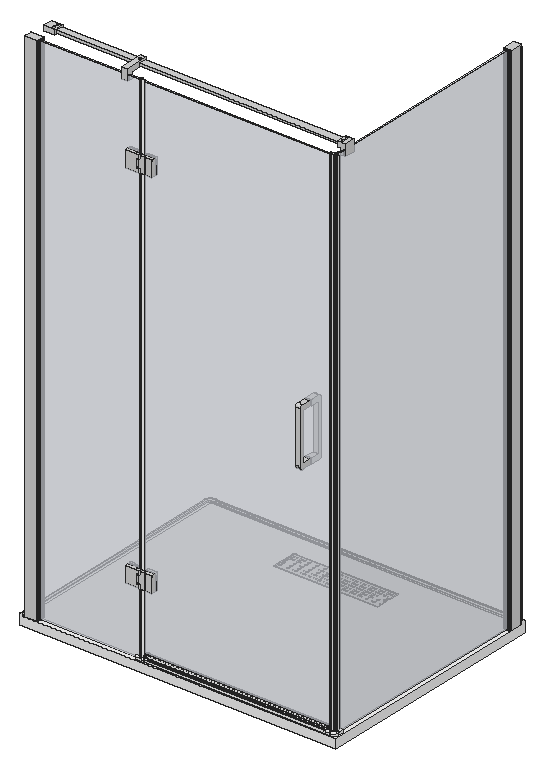
Revit family "Reece_Shower_Posh_Domaine MK2_Shower System", category Plumbing Fixtures, Revit 2018 (continued)
Definition of nested family "Reece_Shower_Posh_Domaine MK2_Shower Door & Screen_Nested"
  Automatic sketch dimensions
    Extrusion 3 sketch curve to Extrusion 3 sketch curve = 0.001 mm
    Extrusion 3 sketch curve to Extrusion 3 sketch curve = 0.574 mm
    Extrusion 3 sketch curve to Extrusion 3 sketch curve = 2.01 mm  (x2)
    Extrusion 3 sketch curve to Extrusion 3 sketch curve = 0.707 mm
    Extrusion 3 sketch curve to Extrusion 3 sketch curve = 5.174 mm
    Extrusion 3 sketch curve to Extrusion 3 sketch curve = 1.353 mm
    Extrusion 3 sketch curve to Extrusion 3 sketch curve = 2.793 mm
    plane 6 to Extrusion 3 sketch curve = 12.403 mm
    Extrusion 3 sketch curve to Extrusion 3 sketch curve = 6.601 mm
    Extrusion 3 sketch curve to Extrusion 3 sketch curve = 1.918 mm
    Extrusion 3 sketch curve to Extrusion 3 sketch curve = 0.5 mm  (x2)
    Extrusion 3 sketch curve to Extrusion 3 sketch curve = 0.052 mm  (x2)
    plane 6 to Extrusion 3 sketch curve = 15.172 mm
    Extrusion 3 sketch curve to Extrusion 3 sketch curve = 5.881 mm
    Extrusion 3 sketch curve to Extrusion 3 sketch curve = 0 mm
    Extrusion 3 sketch curve to Extrusion 3 sketch curve = 0.177 mm  (x5)
    plane 6 to Extrusion 3 sketch curve = 15.526 mm
    plane 6 to Extrusion 3 sketch curve = 18.474 mm
    plane 6 to Extrusion 3 sketch curve = 14.503 mm
    Extrusion 3 sketch curve to Extrusion 3 sketch curve = 0.669 mm  (x2)
    plane 6 to Extrusion 3 sketch curve = 14.57 mm
    Extrusion 3 sketch curve to Extrusion 3 sketch curve = 0.64 mm  (x2)
    plane 6 to Extrusion 3 sketch curve = 14.701 mm
    Extrusion 3 sketch curve to Extrusion 3 sketch curve = 1.243 mm  (x2)
    Extrusion 3 sketch curve to Extrusion 3 sketch curve = 0.06 mm  (x4)
    plane 6 to Extrusion 3 sketch curve = 13.556 mm
    plane 6 to Extrusion 3 sketch curve = 20.444 mm
    Extrusion 3 sketch curve to Extrusion 3 sketch curve = 0.293 mm
    Extrusion 3 sketch curve to Extrusion 3 sketch curve = 1.417 mm
    Extrusion 3 sketch curve to Extrusion 3 sketch curve = 0.58 mm
    Extrusion 3 sketch curve to Extrusion 3 sketch curve = 1.145 mm
    Extrusion 3 sketch curve to Extrusion 3 sketch curve = 0.131 mm
    Extrusion 3 sketch curve to Extrusion 3 sketch curve = 0.067 mm
    Extrusion 3 sketch curve to Extrusion 3 sketch curve = 5.361 mm
    Extrusion 3 sketch curve to Extrusion 3 sketch curve = 0.004 mm
    Extrusion 3 sketch curve to Extrusion 3 sketch curve = 1.36 mm
    Extrusion 3 sketch curve to Extrusion 3 sketch curve = 1.914 mm
    Extrusion 3 sketch curve to Extrusion 3 sketch curve = 0.05 mm
    plane 6 to Extrusion 4 sketch curve = 12.692 mm
    Extrusion 4 sketch curve to Extrusion 4 sketch curve = 0.497 mm  (x5)
    Extrusion 4 sketch curve to Extrusion 4 sketch curve = 0.613 mm
    Extrusion 4 sketch curve to Extrusion 4 sketch curve = 0.325 mm
    Extrusion 4 sketch curve to Extrusion 4 sketch curve = 0.221 mm
    Extrusion 4 sketch curve to Extrusion 4 sketch curve = 0.067 mm  (x2)
    Extrusion 4 sketch curve to Extrusion 4 sketch curve = 0.498 mm  (x3)
    Extrusion 4 sketch curve to Extrusion 4 sketch curve = 0.566 mm  (x3)
    Extrusion 4 sketch curve to Extrusion 4 sketch curve = 0.177 mm  (x6)
    Extrusion 4 sketch curve to Extrusion 4 sketch curve = 3.818 mm
    Extrusion 4 sketch curve to Extrusion 4 sketch curve = 0.466 mm
    Extrusion 4 sketch curve to Extrusion 4 sketch curve = 0.675 mm
    Extrusion 4 sketch curve to Extrusion 4 sketch curve = 0.614 mm
    Extrusion 4 sketch curve to Extrusion 4 sketch curve = 1.111 mm
    level to Extrusion 4 sketch curve = 15 mm
    Extrusion 4 sketch curve to Extrusion 4 sketch curve = 0.5 mm  (x5)
    Extrusion 4 sketch curve to Extrusion 4 sketch curve = 4.679 mm
    Extrusion 4 sketch curve to Extrusion 4 sketch curve = 0 mm  (x5)
    Extrusion 4 sketch curve to Extrusion 4 sketch curve = 0.64 mm  (x2)
    Extrusion 4 sketch curve to Extrusion 4 sketch curve = 1.989 mm  (x2)
    Extrusion 4 sketch curve to Extrusion 4 sketch curve = 0.05 mm  (x2)
    Extrusion 4 sketch curve to Extrusion 4 sketch curve = 0.003 mm
    Extrusion 4 sketch curve to Extrusion 4 sketch curve = 0.027 mm
    Extrusion 5 sketch curve to plane 6 = 20 mm
    Extrusion 5 sketch curve to Extrusion 5 sketch curve = 0 mm  (x6)
    Extrusion 5 sketch curve to Extrusion 5 sketch curve = 0.023 mm
    plane 6 to Extrusion 5 sketch curve = 14 mm  (x2)
    Extrusion 5 sketch curve to plane 10 = 838 mm
    Extrusion 5 sketch curve to Extrusion 5 sketch curve = 10 mm  (x3)
    Extrusion 5 sketch curve to Extrusion 5 sketch curve = 20 mm  (x2)
    Extrusion 5 sketch curve to Extrusion 5 sketch curve = 180 mm
    Extrusion 6 sketch curve to plane 6 = 54 mm
    Extrusion 6 sketch curve to Extrusion 6 sketch curve = 0 mm  (x6)
    Extrusion 6 sketch curve to Extrusion 6 sketch curve = 0.023 mm
    Extrusion 6 sketch curve to plane 6 = 20 mm  (x2)
    plane 10 to Extrusion 6 sketch curve = 838 mm
    Extrusion 6 sketch curve to Extrusion 6 sketch curve = 10 mm  (x3)
    Extrusion 6 sketch curve to Extrusion 6 sketch curve = 20 mm  (x2)
    Extrusion 6 sketch curve to Extrusion 6 sketch curve = 180 mm
    Extrusion 7 sketch curve to level = 0 mm
    plane 6 to Extrusion 7 sketch curve = 5.139 mm
    Extrusion 7 sketch curve to Extrusion 7 sketch curve = 0.496 mm
    Extrusion 7 sketch curve to Extrusion 7 sketch curve = 3.5 mm
    Extrusion 7 sketch curve to Extrusion 7 sketch curve = 0.004 mm  (x2)
    Extrusion 7 sketch curve to Extrusion 7 sketch curve = 9.891 mm
    Extrusion 7 sketch curve to Extrusion 7 sketch curve = 0.104 mm
    Extrusion 7 sketch curve to Extrusion 7 sketch curve = 0.1 mm
    level to Extrusion 7 sketch curve = 0.5 mm
    Extrusion 7 sketch curve to Extrusion 7 sketch curve = 0.5 mm  (x3)
    Extrusion 7 sketch curve to Extrusion 7 sketch curve = 4 mm
    Extrusion 7 sketch curve to Extrusion 7 sketch curve = 7.5 mm
    Extrusion 7 sketch curve to Extrusion 7 sketch curve = 0.001 mm  (x2)
    Extrusion 7 sketch curve to Extrusion 7 sketch curve = 6.511 mm
    Extrusion 7 sketch curve to Extrusion 7 sketch curve = 0.489 mm
    Extrusion 7 sketch curve to Extrusion 7 sketch curve = 0.49 mm
    Extrusion 7 sketch curve to Extrusion 7 sketch curve = 0 mm  (x2)
    level to Extrusion 8 sketch curve = 0.5 mm
    plane 6 to Extrusion 8 sketch curve = 5.635 mm
    Extrusion 8 sketch curve to Extrusion 8 sketch curve = 3.5 mm
    Extrusion 8 sketch curve to Extrusion 8 sketch curve = 9.896 mm
    Extrusion 8 sketch curve to Extrusion 8 sketch curve = 0.208 mm
    Extrusion 8 sketch curve to Extrusion 8 sketch curve = 0.609 mm
    Extrusion 8 sketch curve to Extrusion 8 sketch curve = 4 mm
    Extrusion 8 sketch curve to Extrusion 8 sketch curve = 7.501 mm
    Extrusion 8 sketch curve to Extrusion 8 sketch curve = 7.012 mm
    Extrusion 8 sketch curve to Extrusion 8 sketch curve = 0.978 mm
    Extrusion 8 sketch curve to Extrusion 8 sketch curve = 0 mm
    plane 6 to Extrusion 9 sketch curve = 12.403 mm
    Extrusion 9 sketch curve to Extrusion 9 sketch curve = 0.946 mm  (x2)
    Extrusion 9 sketch curve to Extrusion 9 sketch curve = 7.302 mm
    level to Extrusion 9 sketch curve = 16 mm
    Extrusion 9 sketch curve to Extrusion 9 sketch curve = 9 mm
    plane 5 to Sweep 10 sketch curve = 6 mm
    Sweep 10 sketch curve to Sweep 10 sketch curve = 17.5 mm
    plane 6 to Sweep 10 sketch curve = 22.635 mm
    Sweep 10 sketch curve to Sweep 10 sketch curve = 19.483 mm
    profile plane to Sweep 10 sketch curve = 0 mm
    Sweep 10 sketch curve to level = 0 mm
    Sweep 10 sketch curve to Sweep 10 sketch curve = 4 mm
    Sweep 10 sketch curve to Sweep 10 sketch curve = 5.5 mm
    level to Sweep 10 sketch curve = 8 mm
    Extrusion 11 sketch curve to level = 0 mm
    plane 6 to Extrusion 11 sketch curve = 5.139 mm
    Extrusion 11 sketch curve to Extrusion 11 sketch curve = 0.496 mm
    Extrusion 11 sketch curve to Extrusion 11 sketch curve = 3.5 mm
    Extrusion 11 sketch curve to Extrusion 11 sketch curve = 0.004 mm  (x2)
    Extrusion 11 sketch curve to Extrusion 11 sketch curve = 9.891 mm
    Extrusion 11 sketch curve to Extrusion 11 sketch curve = 0.104 mm
    Extrusion 11 sketch curve to Extrusion 11 sketch curve = 0.1 mm
    level to Extrusion 11 sketch curve = 0.5 mm
    Extrusion 11 sketch curve to Extrusion 11 sketch curve = 0.5 mm  (x3)
    Extrusion 11 sketch curve to Extrusion 11 sketch curve = 4 mm
    Extrusion 11 sketch curve to Extrusion 11 sketch curve = 7.5 mm
    Extrusion 11 sketch curve to Extrusion 11 sketch curve = 0.001 mm  (x2)
    Extrusion 11 sketch curve to Extrusion 11 sketch curve = 6.511 mm
    Extrusion 11 sketch curve to Extrusion 11 sketch curve = 0.489 mm
    Extrusion 11 sketch curve to Extrusion 11 sketch curve = 0.49 mm
    Extrusion 11 sketch curve to Extrusion 11 sketch curve = 0 mm  (x2)
    Extrusion 12 sketch curve to plane 7 = 0 mm
    plane 7 to Extrusion 12 sketch curve = 0.263 mm
    plane 7 to Extrusion 12 sketch curve = 0.8 mm
    Extrusion 12 sketch curve to Extrusion 12 sketch curve = 0.2 mm
    Extrusion 12 sketch curve to Extrusion 12 sketch curve = 0.5 mm
    Extrusion 12 sketch curve to Extrusion 12 sketch curve = 0.3 mm
    Extrusion 12 sketch curve to Extrusion 12 sketch curve = 0.344 mm
    Extrusion 12 sketch curve to Extrusion 12 sketch curve = 0.044 mm
    Extrusion 12 sketch curve to Extrusion 12 sketch curve = 4.027 mm  (x2)
    Extrusion 12 sketch curve to plane 7 = 0.94 mm
    plane 8 to Extrusion 12 sketch curve = 0.723 mm  (x2)
    plane 8 to Extrusion 12 sketch curve = 0.322 mm
    Extrusion 12 sketch curve to plane 8 = 7.803 mm
    plane 6 to Extrusion 12 sketch curve = 22.525 mm
    Extrusion 12 sketch curve to Extrusion 12 sketch curve = 0.1 mm
    Extrusion 12 sketch curve to Extrusion 12 sketch curve = 2.256 mm
    Extrusion 12 sketch curve to Extrusion 12 sketch curve = 0.079 mm  (x2)
    Extrusion 12 sketch curve to Extrusion 12 sketch curve = 0.39 mm
    Extrusion 12 sketch curve to Extrusion 12 sketch curve = 0.111 mm
    Extrusion 12 sketch curve to Extrusion 12 sketch curve = 4.525 mm
    Extrusion 12 sketch curve to Extrusion 12 sketch curve = 4.77 mm
    Extrusion 12 sketch curve to Extrusion 12 sketch curve = 0.614 mm
    Extrusion 12 sketch curve to Extrusion 12 sketch curve = 1.151 mm
    Extrusion 12 sketch curve to Extrusion 12 sketch curve = 0.304 mm
    Extrusion 12 sketch curve to Extrusion 12 sketch curve = 0.256 mm
    Extrusion 12 sketch curve to Extrusion 12 sketch curve = 0 mm  (x11)
    Extrusion 12 sketch curve to Extrusion 12 sketch curve = 0.037 mm  (x4)
    Extrusion 12 sketch curve to Extrusion 12 sketch curve = 0.428 mm  (x2)
    plane 7 to Extrusion 13 sketch curve = 0.8 mm
    plane 6 to Extrusion 13 sketch curve = 14 mm
    Extrusion 13 sketch curve to plane 4 = 65 mm
    Extrusion 13 sketch curve to Extrusion 13 sketch curve = 6 mm
    Extrusion 14 sketch curve to plane 4 = 15 mm
    plane 6 to Extrusion 14 sketch curve = 30.004 mm
    plane 6 to Extrusion 14 sketch curve = 8.004 mm
    Extrusion 14 sketch curve to Extrusion 14 sketch curve = 4 mm
    plane 6 to Extrusion 15 sketch curve = 31.5 mm
    Extrusion 15 sketch curve to Extrusion 15 sketch curve = 1.496 mm
    Extrusion 15 sketch curve to Extrusion 15 sketch curve = 1.5 mm  (x3)
    Extrusion 15 sketch curve to Extrusion 15 sketch curve = 2.92 mm
    Extrusion 15 sketch curve to Extrusion 15 sketch curve = 5.516 mm
    Extrusion 15 sketch curve to Extrusion 15 sketch curve = 3.106 mm
    Extrusion 15 sketch curve to Extrusion 15 sketch curve = 0.073 mm  (x2)
    Extrusion 15 sketch curve to Extrusion 15 sketch curve = 2.819 mm  (x2)
    Extrusion 15 sketch curve to Extrusion 15 sketch curve = 0.524 mm
    Extrusion 15 sketch curve to Extrusion 15 sketch curve = 1.079 mm  (x2)
    Extrusion 15 sketch curve to Extrusion 15 sketch curve = 0.814 mm
    Extrusion 15 sketch curve to Extrusion 15 sketch curve = 0.556 mm
    plane 6 to Extrusion 15 sketch curve = 9.515 mm
    plane 6 to Extrusion 15 sketch curve = 7.135 mm
    Extrusion 15 sketch curve to Extrusion 15 sketch curve = 2.58 mm
    Extrusion 15 sketch curve to Extrusion 15 sketch curve = 3.134 mm
    Extrusion 15 sketch curve to Extrusion 15 sketch curve = 2.935 mm
    Extrusion 15 sketch curve to Extrusion 15 sketch curve = 0.383 mm
    Extrusion 15 sketch curve to plane 4 = 66.399 mm
    Extrusion 15 sketch curve to Extrusion 15 sketch curve = 0 mm  (x7)
    Extrusion 15 sketch curve to Extrusion 15 sketch curve = 0.578 mm  (x2)
    Extrusion 15 sketch curve to Extrusion 15 sketch curve = 1.399 mm
    Extrusion 15 sketch curve to Extrusion 15 sketch curve = 0.821 mm  (x2)
    Extrusion 15 sketch curve to Extrusion 15 sketch curve = 0.339 mm
    Extrusion 15 sketch curve to Extrusion 15 sketch curve = 0.343 mm
    Extrusion 15 sketch curve to Extrusion 15 sketch curve = 0.889 mm
    Extrusion 15 sketch curve to Extrusion 15 sketch curve = 1.45 mm
    Extrusion 15 sketch curve to Extrusion 15 sketch curve = 2.335 mm
    Extrusion 15 sketch curve to Extrusion 15 sketch curve = 0.004 mm  (x2)
    Extrusion 15 sketch curve to Extrusion 15 sketch curve = 7.322 mm  (x2)
    Extrusion 15 sketch curve to plane 4 = 17.393 mm
    Extrusion 15 sketch curve to Extrusion 15 sketch curve = 0.002 mm
    Extrusion 15 sketch curve to plane 4 = 16.504 mm
    Extrusion 15 sketch curve to Extrusion 15 sketch curve = 0.388 mm  (x2)
    Extrusion 16 sketch curve to plane 6 = 0.5 mm
    Extrusion 16 sketch curve to plane 7 = 1.006 mm
    plane 7 to Extrusion 16 sketch curve = 5 mm
    plane 6 to Extrusion 16 sketch curve = 5.5 mm
    Extrusion 17 sketch curve to plane 6 = 0.5 mm
    Extrusion 17 sketch curve to plane 7 = 50 mm
    Extrusion 17 sketch curve to Extrusion 17 sketch curve = 0 mm  (x2)
    plane 6 to Extrusion 17 sketch curve = 0 mm
    Extrusion 17 sketch curve to Extrusion 17 sketch curve = 2.495 mm
    Extrusion 17 sketch curve to Extrusion 17 sketch curve = 2.5 mm  (x3)
    Extrusion 17 sketch curve to plane 7 = 17.505 mm
    Extrusion 17 sketch curve to Extrusion 17 sketch curve = 0.005 mm
    Extrusion 17 sketch curve to Extrusion 17 sketch curve = 1.494 mm
    Extrusion 17 sketch curve to Extrusion 17 sketch curve = 0.006 mm
    plane 7 to Extrusion 17 sketch curve = 1.004 mm
    Extrusion 17 sketch curve to plane 6 = 5.5 mm
    Extrusion 17 sketch curve to plane 6 = 11 mm
    Extrusion 17 sketch curve to Extrusion 17 sketch curve = 1.5 mm  (x2)
    Extrusion 17 sketch curve to Extrusion 17 sketch curve = 6 mm
    Extrusion 17 sketch curve to Extrusion 17 sketch curve = 3.496 mm
    Extrusion 17 sketch curve to Extrusion 17 sketch curve = 3.5 mm
    Extrusion 17 sketch curve to Extrusion 17 sketch curve = 0.004 mm
    plane 6 to Extrusion 18 sketch curve = 0.5 mm
    Extrusion 18 sketch curve to plane 8 = 49.004 mm
    Extrusion 18 sketch curve to Extrusion 18 sketch curve = 0 mm  (x2)
    Extrusion 18 sketch curve to plane 6 = 0 mm
    Extrusion 18 sketch curve to Extrusion 18 sketch curve = 2.495 mm
    Extrusion 18 sketch curve to Extrusion 18 sketch curve = 0.005 mm  (x2)
    Extrusion 18 sketch curve to plane 8 = 16.509 mm
    Extrusion 18 sketch curve to Extrusion 18 sketch curve = 2.5 mm  (x2)
    Extrusion 18 sketch curve to Extrusion 18 sketch curve = 1.494 mm
    Extrusion 18 sketch curve to Extrusion 18 sketch curve = 0.006 mm
    Extrusion 18 sketch curve to plane 7 = 1 mm
    plane 6 to Extrusion 18 sketch curve = 5.5 mm
    plane 6 to Extrusion 18 sketch curve = 11 mm
    Extrusion 18 sketch curve to Extrusion 18 sketch curve = 1.5 mm  (x2)
    Extrusion 18 sketch curve to Extrusion 18 sketch curve = 6 mm
    Extrusion 18 sketch curve to Extrusion 18 sketch curve = 3.496 mm
    Extrusion 18 sketch curve to Extrusion 18 sketch curve = 3.5 mm
    Extrusion 18 sketch curve to Extrusion 18 sketch curve = 0.004 mm
    Extrusion 19 sketch curve to plane 8 = 4.504 mm
    Extrusion 19 sketch curve to plane 8 = 3 mm
    Extrusion 19 sketch curve to plane 7 = 1.004 mm
    Extrusion 19 sketch curve to Extrusion 19 sketch curve = 0.004 mm
    Extrusion 19 sketch curve to plane 6 = 0.5 mm
    plane 6 to Extrusion 19 sketch curve = 5.5 mm
    Extrusion 19 sketch curve to Extrusion 19 sketch curve = 0 mm
    plane 6 to Extrusion 19 sketch curve = 5.531 mm
    Extrusion 20 sketch curve to plane 8 = 4.504 mm
    Extrusion 20 sketch curve to plane 8 = 3 mm
    Extrusion 20 sketch curve to plane 7 = 1.004 mm
    Extrusion 20 sketch curve to Extrusion 20 sketch curve = 0.004 mm
    Extrusion 20 sketch curve to plane 6 = 0.5 mm
    plane 6 to Extrusion 20 sketch curve = 5.5 mm
    Extrusion 20 sketch curve to Extrusion 20 sketch curve = 0 mm
    plane 6 to Extrusion 20 sketch curve = 5.531 mm
    plane 6 to Extrusion 21 sketch curve = 12.403 mm
    Extrusion 21 sketch curve to Extrusion 21 sketch curve = 0.946 mm  (x2)
    Extrusion 21 sketch curve to Extrusion 21 sketch curve = 7.302 mm
    level to Extrusion 21 sketch curve = 16 mm
    Extrusion 21 sketch curve to Extrusion 21 sketch curve = 9 mm
    plane 7 to Extrusion 22 sketch curve = 57.835 mm
    Extrusion 22 sketch curve to Extrusion 22 sketch curve = 2.165 mm  (x4)
    plane 6 to Extrusion 22 sketch curve = 77.5 mm
    Extrusion 22 sketch curve to Extrusion 22 sketch curve = 1.25 mm  (x6)
    plane 6 to Extrusion 23 sketch curve = 11 mm
    Extrusion 23 sketch curve to Extrusion 23 sketch curve = 3 mm
    Extrusion 23 sketch curve to Extrusion 23 sketch curve = 6 mm
    Extrusion 23 sketch curve to Extrusion 23 sketch curve = 9 mm
    Extrusion 23 sketch curve to Extrusion 23 sketch curve = 37 mm
    Extrusion 23 sketch curve to Extrusion 23 sketch curve = 28 mm
    Extrusion 23 sketch curve to Extrusion 23 sketch curve = 5 mm  (x3)
    plane 10 to Extrusion 23 sketch curve = 229 mm
    Extrusion 23 sketch curve to Extrusion 23 sketch curve = 0 mm
    Extrusion 23 sketch curve to Extrusion 23 sketch curve = 20 mm
    Extrusion 23 sketch curve to Extrusion 23 sketch curve = 23 mm
    Extrusion 23 sketch curve to Extrusion 23 sketch curve = 10 mm
    plane 6 to Extrusion 24 sketch curve = 14 mm  (x2)
    Extrusion 24 sketch curve to Extrusion 24 sketch curve = 6 mm  (x2)
    Extrusion 24 sketch curve to plane 10 = 830.5 mm
    Extrusion 24 sketch curve to Extrusion 24 sketch curve = 5 mm  (x2)
    Extrusion 24 sketch curve to Extrusion 24 sketch curve = 195 mm
    Extrusion 25 sketch curve to plane 6 = 0.5 mm
    Extrusion 25 sketch curve to plane 7 = 50 mm
    Extrusion 25 sketch curve to Extrusion 25 sketch curve = 0 mm  (x2)
    plane 6 to Extrusion 25 sketch curve = 0 mm
    Extrusion 25 sketch curve to Extrusion 25 sketch curve = 2.495 mm
    Extrusion 25 sketch curve to Extrusion 25 sketch curve = 2.5 mm  (x3)
    Extrusion 25 sketch curve to plane 7 = 17.505 mm
    Extrusion 25 sketch curve to Extrusion 25 sketch curve = 0.005 mm
    Extrusion 25 sketch curve to Extrusion 25 sketch curve = 1.494 mm
    Extrusion 25 sketch curve to Extrusion 25 sketch curve = 0.006 mm
    plane 7 to Extrusion 25 sketch curve = 1.004 mm
    Extrusion 25 sketch curve to plane 6 = 5.5 mm
    Extrusion 25 sketch curve to plane 6 = 11 mm
    Extrusion 25 sketch curve to Extrusion 25 sketch curve = 1.5 mm  (x2)
    Extrusion 25 sketch curve to Extrusion 25 sketch curve = 6 mm
    Extrusion 25 sketch curve to Extrusion 25 sketch curve = 3.496 mm
    Extrusion 25 sketch curve to Extrusion 25 sketch curve = 3.5 mm
    Extrusion 25 sketch curve to Extrusion 25 sketch curve = 0.004 mm
    plane 6 to Extrusion 26 sketch curve = 0.5 mm
    Extrusion 26 sketch curve to plane 8 = 49.004 mm
    Extrusion 26 sketch curve to Extrusion 26 sketch curve = 0 mm  (x2)
    Extrusion 26 sketch curve to plane 6 = 0 mm
    Extrusion 26 sketch curve to Extrusion 26 sketch curve = 2.495 mm
    Extrusion 26 sketch curve to Extrusion 26 sketch curve = 2.5 mm  (x3)
    Extrusion 26 sketch curve to plane 8 = 16.509 mm
    Extrusion 26 sketch curve to Extrusion 26 sketch curve = 0.005 mm
    Extrusion 26 sketch curve to Extrusion 26 sketch curve = 1.494 mm
    Extrusion 26 sketch curve to Extrusion 26 sketch curve = 0.006 mm
    Extrusion 26 sketch curve to plane 7 = 1 mm
    plane 6 to Extrusion 26 sketch curve = 5.5 mm
    plane 6 to Extrusion 26 sketch curve = 11 mm
    Extrusion 26 sketch curve to Extrusion 26 sketch curve = 1.5 mm  (x2)
    Extrusion 26 sketch curve to Extrusion 26 sketch curve = 6 mm
    Extrusion 26 sketch curve to Extrusion 26 sketch curve = 3.496 mm
    Extrusion 26 sketch curve to Extrusion 26 sketch curve = 3.5 mm
    Extrusion 26 sketch curve to Extrusion 26 sketch curve = 0.004 mm
    Extrusion 27 sketch curve to plane 6 = 0.5 mm
    Extrusion 27 sketch curve to plane 7 = 1.006 mm
    plane 7 to Extrusion 27 sketch curve = 5 mm
    plane 6 to Extrusion 27 sketch curve = 5.5 mm
    Extrusion 28 sketch curve to plane 8 = 4.504 mm
    Extrusion 28 sketch curve to plane 8 = 3 mm
    Extrusion 28 sketch curve to plane 7 = 1.004 mm
    Extrusion 28 sketch curve to Extrusion 28 sketch curve = 0.004 mm
    Extrusion 28 sketch curve to plane 6 = 0.5 mm
    plane 6 to Extrusion 28 sketch curve = 5.5 mm
    Extrusion 28 sketch curve to Extrusion 28 sketch curve = 0 mm
    plane 6 to Extrusion 28 sketch curve = 5.531 mm
    Extrusion 29 sketch curve to plane 8 = 4.504 mm
    Extrusion 29 sketch curve to plane 8 = 3 mm
    Extrusion 29 sketch curve to plane 7 = 1.004 mm
    Extrusion 29 sketch curve to Extrusion 29 sketch curve = 0.004 mm
    Extrusion 29 sketch curve to plane 6 = 0.5 mm
    plane 6 to Extrusion 29 sketch curve = 5.5 mm
    Extrusion 29 sketch curve to Extrusion 29 sketch curve = 0 mm
    plane 6 to Extrusion 29 sketch curve = 5.531 mm
    radius of Extrusion 22 sketch curve = 3 mm
Types (7, lengths in mm): name | URL | Reece_Visibility_Right Hand Opening | Reece_Visibility_Left Hand Opening | Reece_Product_Web Page | Reece_Product_Number | Reece_Product_Description | Reece_Overall_Width | Reece_Overall_Depth | Reece_Family_Shower Screen | Reece_Family_Shower Door & Screen | Keynote | Description
  (no name) | "https://www.reece.com.au/product/-2350288" | yes | no | "https://www.reece.com.au/product/-2350288" | "2350288" | "Posh Domaine MK2 1200x900 Semi Frameless Right Hand Entry Base & Screen Only Shower System" | 1200 | 900 | Reece_Shower_Posh_Domaine MK2_Shower Screen_1200mm_Nested : Chrome | Reece_Shower_Posh_Domaine MK2_Shower Door & Screen_Nested : Chrome | "Product #2350288, Reece_Shower_Posh_Domaine MK2_Shower System -  " | "Posh Domaine MK2 1200x900 Semi Frameless Right Hand Entry Base & Screen Only Shower System"
  Left Hand Opening_900mm x 900mm_Chrome | "https://www.reece.com.au/product/-2350285" | no | yes | "https://www.reece.com.au/product/-2350285" | "2350285" | "Posh Domaine MK2 900x900 Semi Frameless Left Hand Entry Base & Screen Only Shower System" | 900 | 900 | Reece_Shower_Posh_Domaine MK2_Shower Screen_Nested : Chrome | Reece_Shower_Posh_Domaine MK2_Shower Door_Nested : Chrome | "Product #2350285, Reece_Shower_Posh_Domaine MK2_Shower System - Left Hand Opening_900mm x 900mm_Chrome" | "Posh Domaine MK2 900x900 Semi Frameless Left Hand Entry Base & Screen Only Shower System"
  Right Hand Opening_900mm x 900mm_Chrome | "https://www.reece.com.au/product/-2350286" | yes | no | "https://www.reece.com.au/product/-2350286" | "2350286" | "Posh Domaine MK2 900x900 Semi Frameless Right Hand Entry Base & Screen Only Shower System" | 900 | 900 | Reece_Shower_Posh_Domaine MK2_Shower Screen_Nested : Chrome | Reece_Shower_Posh_Domaine MK2_Shower Door_Nested : Chrome | "Product #2350286, Reece_Shower_Posh_Domaine MK2_Shower System - Right Hand Opening_900mm x 900mm_Chrome" | "Posh Domaine MK2 900x900 Semi Frameless Right Hand Entry Base & Screen Only Shower System"
  Left Hand Opening_1000mm x 1000mm_Chrome | "https://www.reece.com.au/product/-2350289" | no | yes | "https://www.reece.com.au/product/-2350289" | "2350289" | "Posh Domaine MK2 1000x1000 Semi Frameless Left Hand Entry Base & Screen Only Shower System" | 1000 | 1000 | Reece_Shower_Posh_Domaine MK2_Shower Screen_Nested : Chrome | Reece_Shower_Posh_Domaine MK2_Shower Door_Nested : Chrome | "Product #2350289, Reece_Shower_Posh_Domaine MK2_Shower System - Left Hand Opening_1000mm x 1000mm_Chrome" | "Posh Domaine MK2 1000x1000 Semi Frameless Left Hand Entry Base & Screen Only Shower System"
  Right Hand Opening_1000mm x 1000mm_Chrome | "https://www.reece.com.au/product/-2350290" | yes | no | "https://www.reece.com.au/product/-2350290" | "2350290" | "Posh Domaine MK2 1000x1000 Semi Frameless Right Hand Entry Base & Screen Only Shower System" | 1000 | 1000 | Reece_Shower_Posh_Domaine MK2_Shower Screen_Nested : Chrome | Reece_Shower_Posh_Domaine MK2_Shower Door_Nested : Chrome | "Product #2350290, Reece_Shower_Posh_Domaine MK2_Shower System - Right Hand Opening_1000mm x 1000mm_Chrome" | "Posh Domaine MK2 1000x1000 Semi Frameless Right Hand Entry Base & Screen Only Shower System"
  Left Hand Opening_1200mm x 900mm_Chrome | "https://www.reece.com.au/product/-2350287" | no | yes | "https://www.reece.com.au/product/-2350287" | "2350287" | "Posh Domaine MK2 1200x900 Semi Frameless Left Hand Entry Base & Screen Only Shower System" | 1200 | 900 | Reece_Shower_Posh_Domaine MK2_Shower Screen_1200mm_Nested : Chrome | Reece_Shower_Posh_Domaine MK2_Shower Door & Screen_Nested : Chrome | "Product #2350287, Reece_Shower_Posh_Domaine MK2_Shower System - Left Hand Opening_1200mm x 900mm_Chrome" | "Posh Domaine MK2 1200x900 Semi Frameless Left Hand Entry Base & Screen Only Shower System"
  Right Hand Opening_1200mm x 900mm_Chrome | "https://www.reece.com.au/product/-2350288" | yes | no | "https://www.reece.com.au/product/-2350288" | "2350288" | "Posh Domaine MK2 1200x900 Semi Frameless Right Hand Entry Base & Screen Only Shower System" | 1200 | 900 | Reece_Shower_Posh_Domaine MK2_Shower Screen_1200mm_Nested : Chrome | Reece_Shower_Posh_Domaine MK2_Shower Door & Screen_Nested : Chrome | "Product #2350288, Reece_Shower_Posh_Domaine MK2_Shower System - Right Hand Opening_1200mm x 900mm_Chrome" | "Posh Domaine MK2 1200x900 Semi Frameless Right Hand Entry Base & Screen Only Shower System"
